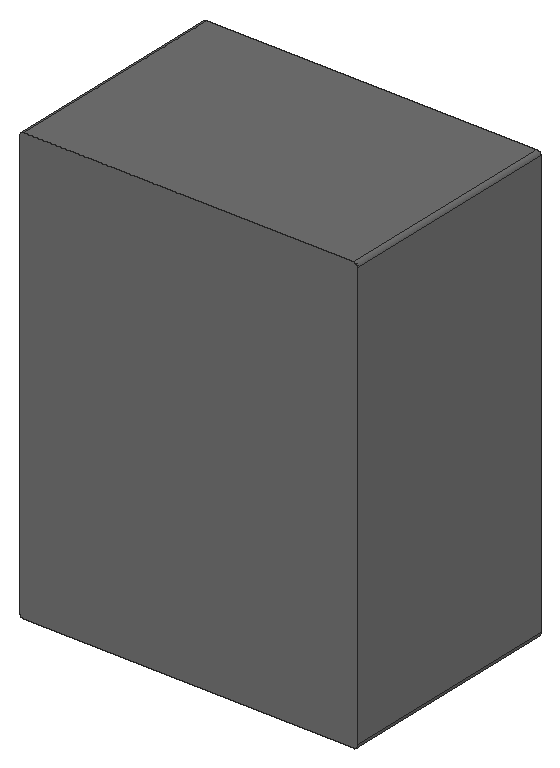
Revit family
Parameters
  Width = 31.00"
  Weight = "221 lbs (100.24 kg)"
  URL = "http://www.meyersound.com"
  Model = "X-800C "
  Manufacturer = "Meyer Sound"
  Height = 40.00"
  Speaker Grill = Mesh Screen - Meyer Sound - Hex Stamped Steel - Black
  Metal Finish = Metal - Meyer Sound - Black Heatsink
  Equipment Finish = Plywood - Meyer Sound - Premium Birch - Black
  Description = "High-Power Cinema Subwoofer"
  Depth = 2.00"
  Default Elevation = 0.00"
  Output Power = "1240 W (2480 Watts peak)"
  Operating Frequency Range = "20 Hz - 200 Hz"
  Maximum Peak SPL = "136 dB"
  Horizontal Coverage = "360° (single unit); varies with number of units and configuration"
  Vertical Coverage = "N/A"
  Crossover = "N/A"
Reference planes (in)
  plane 1 "Center (Front/Back)": y = 0
  plane 2: z = 0
  plane 3 "Center (Left/Right)": x = -16.13077
  plane 4 "Top of Speaker": z = 20
  plane 5 "Bottom of Speaker": z = -20
  plane 6 "Left Side of Speaker": x = -31.63077
  plane 7 "Right Side of Speaker": x = -0.63077
  plane 8 "Back of Speaker": y = 21
  plane 9 "Front of Speaker": y = 0
  plane 10 "Bottom of Back Panel": z = -19.38
  plane 11 "Top of Back Panel": z = -8.17
Forms (in)
  Extrusion 1, solid, material "Plywood - Meyer Sound - Premium Birch - Black" <- "Equipment Finish"
    sketch origin (0, 0, 0) x (1, 0, 0) y (0, 0, 1)
      loop
        arc (-31.25077, 20) -> (-31.51947, 19.8887) -> (-31.63077, 19.62) r 0.38
        line (-31.63077, 19.62) -> (-31.63077, -19.62)
        arc (-31.63077, -19.62) -> (-31.51947, -19.8887) -> (-31.25077, -20) r 0.38
        line (-31.25077, -20) -> (-1.01077, -20)
        arc (-1.01077, -20) -> (-0.74207, -19.8887) -> (-0.63077, -19.62) r 0.38
        line (-0.63077, -19.62) -> (-0.63077, 19.62)
        arc (-0.63077, 19.62) -> (-0.74207, 19.8887) -> (-1.01077, 20) r 0.38
        line (-1.01077, 20) -> (-31.25077, 20)
    from 0 to -21
Lines and regions (in)
  reference lines
    curve 1: line (-22.78944, 0, 0) -> (0.86923, 0, 0)
    curve 2: line (-16.13077, 17, 0) -> (-16.13077, -15, 0)
  symbolic lines, detail levels fine
    curve 3: arc (-19.78312, -0.8634, 0) -> (-19.79965, -0.90579, 0) -> (-19.81227, -0.9495, 0) r 0.50038
  model lines, detail levels medium+fine
    curve 4: circle (-26.38077, 0, 0) r 3.3125 normal (0, -1, 0)
    curve 5: circle (-5.88077, 0, 0) r 3.3125 normal (0, -1, 0)
    curve 10: circle (-16.13077, 0, 9.5) r 3.00315 normal (0, 1, 0)
    curve 11: circle (-16.13077, 0, -9.5) r 3.00315 normal (0, 1, 0)
    curve 26: line (-31.63077, 7.005, 11.50072) -> (-31.63077, 13.495, 11.50072)
    curve 27: arc (-31.63077, 13.495, 11.50072) -> (-31.63077, 13.7637, 11.38942) -> (-31.63077, 13.875, 11.12072) r 0.38
    curve 28: line (-31.63077, 13.875, 11.12072) -> (-31.63077, 13.875, 3.25072)
    curve 29: arc (-31.63077, 13.875, 3.25072) -> (-31.63077, 13.7637, 2.98202) -> (-31.63077, 13.495, 2.87072) r 0.38
    curve 30: line (-31.63077, 13.495, 2.87072) -> (-31.63077, 7.005, 2.87072)
    curve 31: arc (-31.63077, 7.005, 2.87072) -> (-31.63077, 6.7363, 2.98202) -> (-31.63077, 6.625, 3.25072) r 0.38
    curve 32: line (-31.63077, 6.625, 3.25072) -> (-31.63077, 6.625, 11.12072)
    curve 33: arc (-31.63077, 6.625, 11.12072) -> (-31.63077, 6.7363, 11.38942) -> (-31.63077, 7.005, 11.50072) r 0.38
    curve 56: line (-0.63077, 7.005, 11.50072) -> (-0.63077, 13.495, 11.50072)
    curve 57: arc (-0.63077, 13.495, 11.50072) -> (-0.63077, 13.7637, 11.38942) -> (-0.63077, 13.875, 11.12072) r 0.38
    curve 58: line (-0.63077, 13.875, 11.12072) -> (-0.63077, 13.875, 3.25072)
    curve 59: arc (-0.63077, 13.875, 3.25072) -> (-0.63077, 13.7637, 2.98202) -> (-0.63077, 13.495, 2.87072) r 0.38
    curve 60: line (-0.63077, 13.495, 2.87072) -> (-0.63077, 7.005, 2.87072)
    curve 61: arc (-0.63077, 7.005, 2.87072) -> (-0.63077, 6.7363, 2.98202) -> (-0.63077, 6.625, 3.25072) r 0.38
    curve 62: line (-0.63077, 6.625, 3.25072) -> (-0.63077, 6.625, 11.12072)
    curve 63: arc (-0.63077, 6.625, 11.12072) -> (-0.63077, 6.7363, 11.38942) -> (-0.63077, 7.005, 11.50072) r 0.38
    curve 86: line (-10.50577, 21, -8.385) -> (-10.50577, 21, -19.155)
    curve 87: arc (-10.50577, 21, -19.155) -> (-10.57021, 21, -19.31056) -> (-10.72577, 21, -19.375) r 0.22
    curve 88: line (-10.72577, 21, -19.375) -> (-21.53577, 21, -19.375)
    curve 89: arc (-21.53577, 21, -19.375) -> (-21.69133, 21, -19.31056) -> (-21.75577, 21, -19.155) r 0.22
    curve 90: line (-21.75577, 21, -19.155) -> (-21.75577, 21, -8.385)
    curve 91: arc (-21.53577, 21, -8.165) -> (-21.69133, 21, -8.22944) -> (-21.75577, 21, -8.385) r 0.22
    curve 92: arc (-10.50577, 21, -8.385) -> (-10.57021, 21, -8.22944) -> (-10.72577, 21, -8.165) r 0.22
    curve 93: line (-21.53577, 21, -8.165) -> (-10.72577, 21, -8.165)
  model lines, detail levels fine
    curve 6: circle (-26.38077, 0, 0) r 3.03 normal (0, -1, 0)
    curve 7: circle (-5.88077, 0, 0) r 3.03 normal (0, -1, 0)
    curve 12: circle (-26.38077, 0, 0) r 3.3125 normal (0, -1, 0)
    curve 13: circle (-5.88077, 0, 0) r 3.3125 normal (0, -1, 0)
    curve 14: circle (-16.13077, 0, 9.5) r 8.24394 normal (0, -1, 0)
    curve 15: circle (-16.13077, 0, -9.5) r 8.24394 normal (0, -1, 0)
    curve 16: line (-31.31577, 0, 19.9944) -> (-31.31577, 0, -14.565)
    curve 17: line (-31.31577, 0, -14.565) -> (-26.19577, 0, -19.685)
    curve 18: line (-26.19577, 0, -19.685) -> (-6.06577, 0, -19.685)
    curve 19: line (-0.94577, 0, 19.685) -> (-31.31577, 0, 19.685)
    curve 20: line (-0.94577, 0, 19.9944) -> (-0.94577, 0, -14.565)
    curve 21: line (-0.94577, 0, -14.565) -> (-6.06577, 0, -19.685)
    curve 22: circle (-30.38077, 0, 18.75) r 0.35 normal (0, -1, 0)
    curve 23: circle (-1.88077, 0, 18.75) r 0.35 normal (0, -1, 0)
    curve 24: circle (-1.88077, 0, -14.25) r 0.35 normal (0, -1, 0)
    curve 25: circle (-30.38077, 0, -14.25) r 0.35 normal (0, -1, 0)
    curve 34: arc (-31.63077, 11.97549, 10.44063) -> (-31.63077, 12.50235, 10.22239) -> (-31.63077, 12.72059, 9.69553) r 0.7451
    curve 35: line (-31.63077, 12.72059, 9.69553) -> (-31.63077, 12.72059, 7.34259)
    curve 36: arc (-31.63077, 12.72059, 7.34259) -> (-31.63077, 12.50235, 6.81572) -> (-31.63077, 11.97549, 6.59749) r 0.7451
    curve 37: line (-31.63077, 11.97549, 6.59749) -> (-31.63077, 8.52451, 6.59749)
    curve 38: arc (-31.63077, 8.52451, 6.59749) -> (-31.63077, 7.99765, 6.81572) -> (-31.63077, 7.77941, 7.34259) r 0.7451
    curve 39: line (-31.63077, 7.77941, 7.34259) -> (-31.63077, 7.77941, 9.69553)
    curve 40: arc (-31.63077, 7.77941, 9.69553) -> (-31.63077, 7.99765, 10.22239) -> (-31.63077, 8.52451, 10.44063) r 0.7451
    curve 41: line (-31.63077, 8.52451, 10.44063) -> (-31.63077, 11.97549, 10.44063)
    curve 42: arc (-31.63077, 11.97549, 5.42102) -> (-31.63077, 12.50235, 5.20278) -> (-31.63077, 12.72059, 4.67592) r 0.7451
    curve 43: arc (-31.63077, 12.72059, 4.67592) -> (-31.63077, 12.50235, 4.14906) -> (-31.63077, 11.97549, 3.93082) r 0.7451
    curve 44: line (-31.63077, 11.97549, 3.93082) -> (-31.63077, 8.52451, 3.93082)
    curve 45: arc (-31.63077, 8.52451, 3.93082) -> (-31.63077, 7.99765, 4.14906) -> (-31.63077, 7.77941, 4.67592) r 0.7451
    curve 46: arc (-31.63077, 7.77941, 4.67592) -> (-31.63077, 7.99765, 5.20278) -> (-31.63077, 8.52451, 5.42102) r 0.7451
    curve 47: line (-31.63077, 8.52451, 5.42102) -> (-31.63077, 11.97549, 5.42102)
    curve 48: line (-31.63077, 13.58333, 3.26415) -> (-31.63077, 13.58333, 11.10729)
    curve 49: arc (-31.63077, 13.58333, 11.10729) -> (-31.63077, 13.5259, 11.24594) -> (-31.63077, 13.38725, 11.30337) r 0.19608
    curve 50: line (-31.63077, 13.38725, 11.30337) -> (-31.63077, 7.11275, 11.30337)
    curve 51: arc (-31.63077, 7.11275, 11.30337) -> (-31.63077, 6.9741, 11.24594) -> (-31.63077, 6.91667, 11.10729) r 0.19608
    curve 52: line (-31.63077, 6.91667, 11.10729) -> (-31.63077, 6.91667, 3.26415)
    curve 53: arc (-31.63077, 6.91667, 3.26415) -> (-31.63077, 6.9741, 3.12551) -> (-31.63077, 7.11275, 3.06808) r 0.19608
    curve 54: line (-31.63077, 7.11275, 3.06808) -> (-31.63077, 13.38725, 3.06808)
    curve 55: arc (-31.63077, 13.38725, 3.06808) -> (-31.63077, 13.5259, 3.12551) -> (-31.63077, 13.58333, 3.26415) r 0.19608
    curve 64: arc (-0.63077, 11.97549, 10.44063) -> (-0.63077, 12.50235, 10.22239) -> (-0.63077, 12.72059, 9.69553) r 0.7451
    curve 65: line (-0.63077, 12.72059, 9.69553) -> (-0.63077, 12.72059, 7.34259)
    curve 66: arc (-0.63077, 12.72059, 7.34259) -> (-0.63077, 12.50235, 6.81572) -> (-0.63077, 11.97549, 6.59749) r 0.7451
    curve 67: line (-0.63077, 11.97549, 6.59749) -> (-0.63077, 8.52451, 6.59749)
    curve 68: arc (-0.63077, 8.52451, 6.59749) -> (-0.63077, 7.99765, 6.81572) -> (-0.63077, 7.77941, 7.34259) r 0.7451
    curve 69: line (-0.63077, 7.77941, 7.34259) -> (-0.63077, 7.77941, 9.69553)
    curve 70: arc (-0.63077, 7.77941, 9.69553) -> (-0.63077, 7.99765, 10.22239) -> (-0.63077, 8.52451, 10.44063) r 0.7451
    curve 71: line (-0.63077, 8.52451, 10.44063) -> (-0.63077, 11.97549, 10.44063)
    curve 72: arc (-0.63077, 11.97549, 5.42102) -> (-0.63077, 12.50235, 5.20278) -> (-0.63077, 12.72059, 4.67592) r 0.7451
    curve 73: arc (-0.63077, 12.72059, 4.67592) -> (-0.63077, 12.50235, 4.14906) -> (-0.63077, 11.97549, 3.93082) r 0.7451
    curve 74: line (-0.63077, 11.97549, 3.93082) -> (-0.63077, 8.52451, 3.93082)
    curve 75: arc (-0.63077, 8.52451, 3.93082) -> (-0.63077, 7.99765, 4.14906) -> (-0.63077, 7.77941, 4.67592) r 0.7451
    curve 76: arc (-0.63077, 7.77941, 4.67592) -> (-0.63077, 7.99765, 5.20278) -> (-0.63077, 8.52451, 5.42102) r 0.7451
    curve 77: line (-0.63077, 8.52451, 5.42102) -> (-0.63077, 11.97549, 5.42102)
    curve 78: line (-0.63077, 13.58333, 3.26415) -> (-0.63077, 13.58333, 11.10729)
    curve 79: arc (-0.63077, 13.58333, 11.10729) -> (-0.63077, 13.5259, 11.24594) -> (-0.63077, 13.38725, 11.30337) r 0.19608
    curve 80: line (-0.63077, 13.38725, 11.30337) -> (-0.63077, 7.11275, 11.30337)
    curve 81: arc (-0.63077, 7.11275, 11.30337) -> (-0.63077, 6.9741, 11.24594) -> (-0.63077, 6.91667, 11.10729) r 0.19608
    curve 82: line (-0.63077, 6.91667, 11.10729) -> (-0.63077, 6.91667, 3.26415)
    curve 83: arc (-0.63077, 6.91667, 3.26415) -> (-0.63077, 6.9741, 3.12551) -> (-0.63077, 7.11275, 3.06808) r 0.19608
    curve 84: line (-0.63077, 7.11275, 3.06808) -> (-0.63077, 13.38725, 3.06808)
    curve 85: arc (-0.63077, 13.38725, 3.06808) -> (-0.63077, 13.5259, 3.12551) -> (-0.63077, 13.58333, 3.26415) r 0.19608
    curve 94: circle (-14.45654, 21, -14.61) r 0.38 normal (0, -1, 0)
    curve 95: circle (-14.45654, 21, -15.59) r 0.38 normal (0, -1, 0)
    curve 96: circle (-14.45415, 21, -16.76762) r 0.465 normal (0, -1, 0)
    curve 97: arc (-13.457, 21, -16.32081) -> (-13.33677, 21, -17.235) -> (-13.21653, 21, -16.32081) r 0.465
    curve 98: arc (-13.21653, 21, -16.32081) -> (-13.19267, 21, -16.30058) -> (-13.174, 21, -16.27548) r 0.13749
    curve 99: line (-13.174, 21, -16.27548) -> (-13.16177, 21, -16.23)
    curve 100: line (-13.16177, 21, -16.23) -> (-13.174, 21, -16.18452)
    curve 101: arc (-13.174, 21, -16.18452) -> (-13.19123, 21, -16.16098) -> (-13.21303, 21, -16.14161) r 0.13749
    curve 102: arc (-13.21303, 21, -16.14161) -> (-13.23915, 21, -16.12605) -> (-13.26749, 21, -16.11503) r 0.18308
    curve 103: arc (-13.26749, 21, -16.11503) -> (-13.30177, 21, -16.10752) -> (-13.33677, 21, -16.105) r 0.24417
    curve 104: arc (-13.33677, 21, -16.105) -> (-13.37177, 21, -16.10752) -> (-13.40605, 21, -16.11503) r 0.24417
    curve 105: arc (-13.40605, 21, -16.11503) -> (-13.43439, 21, -16.12605) -> (-13.46051, 21, -16.14161) r 0.18308
    curve 106: arc (-13.46051, 21, -16.14161) -> (-13.48231, 21, -16.16098) -> (-13.49954, 21, -16.18452) r 0.13749
    curve 107: line (-13.49954, 21, -16.18452) -> (-13.51177, 21, -16.23)
    curve 108: line (-13.51177, 21, -16.23) -> (-13.49954, 21, -16.27548)
    curve 109: arc (-13.49954, 21, -16.27548) -> (-13.48087, 21, -16.30058) -> (-13.457, 21, -16.32081) r 0.13749
    curve 110: line (-11.18677, 21, -8.66949) -> (-11.18677, 21, -11.0625)
    curve 111: line (-11.18677, 21, -11.0625) -> (-21.07477, 21, -11.0625)
    curve 112: line (-11.18677, 21, -8.66949) -> (-21.07477, 21, -8.66949)
    curve 113: line (-21.07477, 21, -11.0625) -> (-21.07477, 21, -8.66949)
    curve 114: line (-18.01177, 21, -18.202) -> (-16.60177, 21, -18.202)
    curve 115: line (-18.01177, 21, -17.802) -> (-18.01177, 21, -18.202)
    curve 116: line (-16.60177, 21, -17.802) -> (-18.01177, 21, -17.802)
    curve 117: line (-16.60177, 21, -18.202) -> (-16.60177, 21, -17.802)
    curve 118: circle (-16.50577, 21, -15.705) r 1.4375 normal (0, -1, 0)
    curve 119: circle (-16.50577, 21, -15.705) r 1.05 normal (0, -1, 0)
  model lines
    curve 8: circle (-16.13077, 0, 9.5) r 9.05478 normal (0, -1, 0)
    curve 9: circle (-16.13077, 0, -9.5) r 9.05478 normal (0, -1, 0)
Dimensions and locks (in)
  plane 4 "Top of Speaker" to curve 2 = 20.00"
  plane 4 "Top of Speaker" to level to plane 5 "Bottom of Speaker" = 20.00", 20.00"
  equal spacing: plane 6 "Left Side of Speaker", plane 3 "Center (Left/Right)", plane 7 "Right Side of Speaker"
  plane 6 "Left Side of Speaker" to plane 7 "Right Side of Speaker" = 31.00"  (x2)
  level to plane 5 "Bottom of Speaker" = 20.00"
  plane 4 "Top of Speaker" to level = 20.00"
  plane 4 "Top of Speaker" to plane 5 "Bottom of Speaker" = 40.00"
  plane 1 "Center (Front/Back)" to plane 8 "Back of Speaker" = 21.00"
  aligned and locked: Extrusion 1 to plane 9 "Front of Speaker"
  aligned and locked: Extrusion 1 to plane 8 "Back of Speaker"
Automatic sketch dimensions
  plane 1 "Center (Front/Back)" to curve 1 = 0.00"
  curve 2 to plane 3 "Center (Left/Right)" = 0.00"
  curve 1 to plane 3 "Center (Left/Right)" = 6.65867"
  plane 7 "Right Side of Speaker" to curve 1 = 1.50"
  plane 1 "Center (Front/Back)" to curve 2 = 15.00"
  plane 8 "Back of Speaker" to curve 2 = 4.00"
  plane 1 "Center (Front/Back)" to curve 3 = 0.9495"
  curve 3 to plane 3 "Center (Left/Right)" = 3.6815"
  curve 3 to curve 3 = 0.02915"
  curve 3 to curve 3 = 0.45742"
  curve 3 to curve 3 = 0.11675"
  plane 6 "Left Side of Speaker" to Extrusion 1 sketch curve = 0.00"
  Extrusion 1 sketch curve to plane 4 "Top of Speaker" = 0.38"
  Extrusion 1 sketch curve to plane 7 "Right Side of Speaker" = 0.38"  (x2)
  Extrusion 1 sketch curve to plane 7 "Right Side of Speaker" = 0.00"
  Extrusion 1 sketch curve to plane 10 "Bottom of Back Panel" = 0.24"
  Extrusion 1 sketch curve to plane 5 "Bottom of Speaker" = 0.00"
  Extrusion 1 sketch curve to plane 4 "Top of Speaker" = 0.00"
  curve 10 to plane 3 "Center (Left/Right)" = 0.00"
  curve 11 to plane 3 "Center (Left/Right)" = 0.00"
  level to curve 10 = 9.50"
  curve 11 to plane 11 "Top of Back Panel" = 1.33"
  curve 4 to curve 6 = 0.00"  (x2)
  curve 4 to curve 12 = 0.00"  (x2)
  curve 5 to curve 7 = 0.00"  (x2)
  curve 5 to curve 13 = 0.00"  (x2)
  curve 6 to curve 12 = 0.00"  (x2)
  curve 7 to curve 13 = 0.00"  (x2)
  curve 8 to curve 14 = 0.00"  (x2)
  curve 9 to curve 15 = 0.00"  (x2)
  curve 6 to level = 0.00"
  curve 9 to plane 3 "Center (Left/Right)" = 0.00"
  curve 8 to plane 3 "Center (Left/Right)" = 0.00"
  curve 13 to level = 0.00"
  curve 17 to plane 10 "Bottom of Back Panel" = 0.305"
  curve 17 to plane 6 "Left Side of Speaker" = 5.435"
  curve 12 to plane 6 "Left Side of Speaker" = 5.25"
  curve 22 to plane 6 "Left Side of Speaker" = 1.25"
  curve 25 to plane 6 "Left Side of Speaker" = 1.25"
  curve 16 to plane 4 "Top of Speaker" = 0.0056"
  curve 16 to plane 6 "Left Side of Speaker" = 0.315"
  curve 21 to plane 7 "Right Side of Speaker" = 5.435"
  curve 13 to plane 7 "Right Side of Speaker" = 5.25"
  curve 23 to plane 7 "Right Side of Speaker" = 1.25"
  curve 24 to plane 7 "Right Side of Speaker" = 1.25"
  curve 19 to plane 7 "Right Side of Speaker" = 0.315"
  plane 10 "Bottom of Back Panel" to curve 21 = 4.815"
  plane 10 "Bottom of Back Panel" to curve 16 = 4.815"
  curve 16 to curve 25 = 0.315"
  curve 20 to curve 24 = 0.315"
  curve 15 to plane 11 "Top of Back Panel" = 1.33"
  level to curve 8 = 9.50"
  curve 22 to plane 4 "Top of Speaker" = 1.25"
  curve 23 to plane 4 "Top of Speaker" = 1.25"
  curve 19 to plane 4 "Top of Speaker" = 0.315"
  curve 20 to plane 4 "Top of Speaker" = 0.0056"
  curve 42 to curve 43 = 0.00"  (x2)
  curve 45 to curve 46 = 0.00"  (x2)
  level to curve 28 = 3.25072"
  plane 8 "Back of Speaker" to curve 28 = 7.125"
  curve 28 to curve 48 = 0.29167"
  curve 48 to curve 29 = 0.08833"
  curve 48 to curve 27 = 0.08833"
  curve 27 to curve 49 = 0.10775"
  curve 29 to curve 55 = 0.10775"
  curve 55 to curve 43 = 0.66667"
  curve 49 to curve 34 = 0.66667"
  curve 35 to curve 36 = 0.7451"
  curve 43 to curve 43 = 0.7451"
  curve 35 to curve 34 = 0.7451"
  curve 34 to curve 41 = 3.45098"
  curve 47 to curve 46 = 3.45098"
  curve 38 to curve 46 = 0.00"
  curve 40 to curve 40 = 0.7451"
  curve 44 to curve 54 = 1.41176"
  curve 40 to curve 51 = 1.41176"
  curve 51 to curve 26 = 0.10775"
  curve 54 to curve 30 = 0.10775"
  curve 31 to curve 53 = 0.08833"
  curve 52 to curve 32 = 0.29167"
  curve 53 to curve 31 = 0.18265"
  curve 53 to curve 44 = 0.66667"
  curve 46 to curve 37 = 1.17647"
  curve 35 to curve 35 = 2.35294"
  curve 40 to curve 52 = 1.41176"
  curve 51 to curve 33 = 0.01343"
  curve 72 to curve 73 = 0.00"  (x2)
  curve 75 to curve 76 = 0.00"  (x2)
  level to curve 58 = 3.25072"
  plane 8 "Back of Speaker" to curve 58 = 7.125"
  curve 58 to curve 78 = 0.29167"
  curve 78 to curve 59 = 0.08833"
  curve 78 to curve 57 = 0.08833"
  curve 57 to curve 79 = 0.10775"
  curve 59 to curve 85 = 0.10775"
  curve 85 to curve 73 = 0.66667"
  curve 79 to curve 64 = 0.66667"
  curve 65 to curve 66 = 0.7451"
  curve 73 to curve 73 = 0.7451"
  curve 65 to curve 64 = 0.7451"
  curve 64 to curve 71 = 3.45098"
  curve 72 to curve 76 = 3.45098"
  curve 68 to curve 76 = 0.00"
  curve 70 to curve 70 = 0.7451"
  curve 74 to curve 84 = 1.41176"
  curve 70 to curve 81 = 1.41176"
  curve 81 to curve 56 = 0.10775"
  curve 84 to curve 60 = 0.10775"
  curve 61 to curve 83 = 0.08833"
  curve 82 to curve 62 = 0.29167"
  curve 85 to curve 59 = 0.01343"
  curve 75 to curve 83 = 0.66667"
  curve 68 to curve 76 = 1.17647"
  curve 65 to curve 66 = 2.35294"
  curve 81 to curve 70 = 1.41176"
  curve 63 to curve 82 = 0.01343"
  curve 118 to curve 119 = 0.00"  (x2)
  plane 10 "Bottom of Back Panel" to curve 88 = 0.005"
  plane 10 "Bottom of Back Panel" to curve 89 = 0.225"
  plane 10 "Bottom of Back Panel" to curve 86 = 0.225"
  curve 114 to plane 3 "Center (Left/Right)" = 0.471"
  plane 10 "Bottom of Back Panel" to curve 114 = 1.178"
  curve 114 to curve 116 = 0.40"
  plane 10 "Bottom of Back Panel" to curve 97 = 2.61"
  curve 97 to curve 96 = 0.00238"
  curve 97 to curve 103 = 0.42083"
  curve 104 to curve 103 = 0.00"  (x2)
  curve 104 to curve 98 = 0.02835"
  curve 103 to curve 109 = 0.02835"
  curve 103 to curve 105 = 0.05857"
  curve 102 to curve 105 = 0.00"
  curve 97 to curve 99 = 0.04533"
  curve 97 to curve 108 = 0.04533"
  curve 105 to curve 106 = 0.0371"
  curve 102 to curve 101 = 0.0371"
  curve 109 to curve 108 = 0.04548"
  curve 99 to curve 100 = 0.04548"  (x2)
  curve 101 to curve 98 = 0.04698"
  curve 106 to curve 109 = 0.04698"
  curve 107 to curve 107 = 0.04548"
  curve 106 to curve 106 = 0.04291"
  curve 101 to curve 102 = 0.04291"
  curve 105 to curve 106 = 0.00"
  curve 101 to curve 102 = 0.00"
  curve 105 to curve 104 = 0.02658"
  curve 102 to curve 103 = 0.02658"
  curve 105 to curve 104 = 0.00"
  curve 102 to curve 103 = 0.00"
  curve 104 to curve 103 = 0.01003"
  curve 118 to plane 3 "Center (Left/Right)" = 0.375"
  curve 116 to curve 118 = 2.097"
  curve 107 to curve 95 = 0.59452"
  curve 95 to curve 94 = 0.98"
  curve 113 to plane 11 "Top of Back Panel" = 2.8925"
  curve 112 to plane 11 "Top of Back Panel" = 0.49949"
  curve 86 to plane 11 "Top of Back Panel" = 0.215"
  curve 90 to plane 11 "Top of Back Panel" = 0.215"
  plane 11 "Top of Back Panel" to curve 92 = 0.005"
  plane 3 "Center (Left/Right)" to curve 94 = 1.67423"
  curve 94 to curve 95 = 0.00"
  curve 96 to curve 95 = 0.00238"
  curve 107 to curve 96 = 0.94238"
  curve 106 to curve 107 = 0.01223"
  curve 109 to curve 107 = 0.01223"
  curve 109 to curve 109 = 0.04253"
  curve 97 to curve 103 = 0.00"
  curve 104 to curve 104 = 0.06928"
  curve 98 to curve 101 = 0.00"
  curve 100 to curve 100 = 0.01223"
  curve 110 to curve 94 = 3.26977"
  curve 93 to curve 110 = 0.461"
  curve 116 to curve 115 = 1.41"
  curve 111 to plane 3 "Center (Left/Right)" = 4.944"
  curve 114 to curve 89 = 3.524"
  radius of curve 10 = 3.00315"
  radius of curve 11 = 3.00315"
  radius of curve 4 = 3.3125"
  radius of curve 5 = 3.3125"
  radius of curve 6 = 3.03"
  radius of curve 7 = 3.03"
  radius of curve 8 = 9.05478"
  radius of curve 9 = 9.05478"
  radius of curve 12 = 3.3125"
  radius of curve 13 = 3.3125"
  radius of curve 14 = 8.24394"
  radius of curve 15 = 8.24394"
  radius of curve 22 = 0.35"
  radius of curve 23 = 0.35"
  radius of curve 24 = 0.35"
  radius of curve 25 = 0.35"
  radius of curve 94 = 0.38"
  radius of curve 95 = 0.38"
  radius of curve 96 = 0.465"
  radius of curve 118 = 1.4375"
  radius of curve 119 = 1.05"
